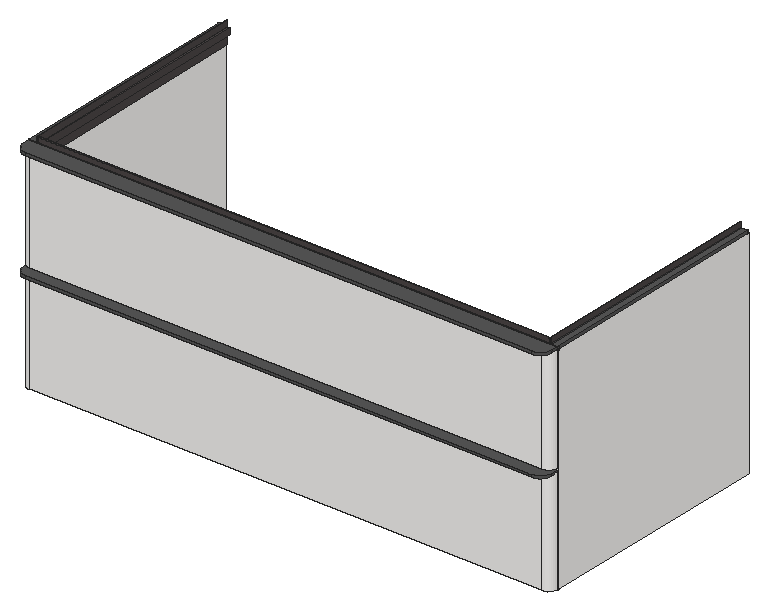
Revit family "vanity unit with 2 drawers for consoles with bowl", category Furniture, Revit 2019 (continued)
Definition of nested family "vanity unit 980_550 with 2 drawers for consoles with bowl-54078700-high gloss white-matt_white-400_content"
  Forms (mm)
    Extrusion 9, solid, visible <- "ContentVisible", detail levels medium+fine
      sketch origin (0, 0, 480) x (1, 0, 0) y (0, 1, 0)
        loop
          line (-488.5, -530) -> (-488.5, -546)
          arc (-488.5, -546) -> (-481.178, -563.678) -> (-463.5, -571) r 25
          line (-463.5, -571) -> (463.5, -571)
          arc (463.5, -571) -> (481.178, -563.678) -> (488.5, -546) r 25
          line (488.5, -546) -> (488.5, -530) -> (468.5, -530) -> (468.5, -528.5) -> (-468.5, -528.5) -> (-468.5, -530) -> (-488.5, -530)
      from 0 to 5
    Extrusion 10, solid, visible <- "ContentVisible", detail levels medium+fine
      sketch origin (0, 0, 0) x (0, 0, -1) y (0, 1, 0)
        loop
          line (-485, -528.5) -> (-485, -530) -> (-455, -530) -> (-455, -528.5) -> (-485, -528.5)
      from -468.5 to 468.5
    Extrusion 11, solid, visible <- "ContentVisible", detail levels medium+fine
      sketch origin (0, 0, 0) x (1, 0, 0) y (0, 0, -1)
        loop
          line (-474, -447) -> (-474, -485) -> (-472.5, -485) -> (-472.5, -447) -> (-474, -447)
      from -530 to 0
    Extrusion 12, solid, visible <- "ContentVisible", detail levels medium+fine
      sketch origin (0, 0, 0) x (1, 0, 0) y (0, 0, -1)
        loop
          line (472.5, -446.8) -> (472.5, -485) -> (474, -485) -> (474, -446.8) -> (472.5, -446.8)
      from -530 to 0
    Extrusion 13, solid, visible <- "ContentVisible", detail levels medium+fine
      sketch origin (0, 0, 480) x (1, 0, 0) y (0, 1, 0)
        loop
          line (-490, -3) -> (-490, -527)
          arc (-490, -527) -> (-489.121, -529.121) -> (-487, -530) r 3
          line (-487, -530) -> (-474, -530) -> (-474, 0) -> (-487, 0)
          arc (-487, 0) -> (-489.121, -0.879) -> (-490, -3) r 3
      from 0 to 5
    Extrusion 14, solid, visible <- "ContentVisible", detail levels medium+fine
      sketch origin (0, 0, 480) x (1, 0, 0) y (0, 1, 0)
        loop
          line (474, 0) -> (474, -530) -> (487, -530)
          arc (487, -530) -> (489.121, -529.121) -> (490, -527) r 3
          line (490, -527) -> (490, -3)
          arc (490, -3) -> (489.121, -0.879) -> (487, 0) r 3
          line (487, 0) -> (474, 0)
      from 0 to 5
    Extrusion 15, solid, visible <- "ContentVisible", detail levels medium+fine
      sketch origin (0, 0, 0) x (1, 0, 0) y (0, 0, -1)
        loop
          line (-472.5, -447) -> (-472.5, -496) -> (-471, -496) -> (-471, -483) -> (-466.4, -483) -> (-466.4, -468.5) -> (-471, -468.5) -> (-471, -447) -> (-472.5, -447)
      from -528.5 to 0
    Extrusion 16, solid, visible <- "ContentVisible", detail levels medium+fine
      sketch origin (0, 0, 0) x (1, 0, 0) y (0, 0, -1)
        loop
          line (466.4, -468.5) -> (466.4, -483) -> (471, -483) -> (471, -496) -> (472.5, -496) -> (472.5, -447) -> (471, -447) -> (471, -468.5) -> (466.4, -468.5)
      from -528.5 to 0
    Extrusion 17, solid, visible <- "ContentVisible", detail levels medium+fine
      sketch origin (0, 0, 0) x (0, 0, -1) y (0, 1, 0)
        loop
          line (-496, -528.5) -> (-447, -528.5) -> (-447, -527) -> (-468.5, -527) -> (-468.5, -522.4) -> (-483, -522.4) -> (-483, -527) -> (-496, -527) -> (-496, -528.5)
      from -472.5 to 472.5
    Extrusion 18, solid, visible <- "ContentVisible", detail levels coarse
      sketch origin (0, -285.5, 0) x (1, 0, 0) y (0, 1, 0)
        loop
          line (-490, -285.5) -> (490, -285.5) -> (490, 285.5) -> (-490, 285.5) -> (-490, -285.5)
      from 0 to 496
  Dimensions and locks
    aligned and locked: level to plane 2
Definition of nested family "vanity unit 980_550 with 2 drawers for consoles with bowl-54079000-diamond matt grey-chrome-200_content"
  Parameters (values of type "Vanity unit 980_550 with 2 drawers for consoles with bowl-54079000-Diamond Matt Grey-CHROME-200_Content")
    etim7_EC011381 = "EC011381"
    WEIGHT = "37.4"
    UNSPSC = "56 | Furniture and Furnishings"
    UNIFORMATII = "E2010 | Fixed Furnishings"
    UNICLASS_2015_CODE = "40_30_78_05"
    UNICLASS2015 = "Pr_40_30_78_05 | Bathroom furniture"
    SURFACE = "CHROME"
    REGIONSET = "Worldwide"
    PRODUCTURL = "https://pro.hansgrohe.com/articledetail--54079000"
    PRODUCTGROUP = "vanity unit"
    PRODUCTFAMILY = "Xelu Q"
    PERMALINK = "54079XXX"
    OMNICLASS = "23-21 19 15 33 13 | Residential Bathroom Specialty Casework"
    OBJECTTYPE = "Object (single object)"
    OBERFLAECHE = "Diamond Matt Grey"
    NN = "Vanity unit with 2 drawers for consoles with bowl"
    NBSYN = "$BASENUMBER.-$ARTNR.-$OBERFLAECHE.-$SURFACE.-$LODLEVEL."
    NB = "Vanity unit 980/550 with 2 drawers for consoles with bowl-54079000-Diamond Matt Grey-CHROME-200"
    NAME = "Xelu Q Vanity unit Diamond Matt Grey 980/550 with 2 drawers for consoles with bowl"
    Model = "Vanity unit 980/550 with 2 drawers for consoles with bowl-54079000-Diamond Matt Grey-CHROME-200"
    Manufacturer = "Hansgrohe"
    MASTERFORMAT = "12 35 30.23 | Bathroom Casework"
    LODLEVEL = "200"
    LINA = "Vanity unit 980/550 with 2 drawers for consoles with bowl-54079000-Diamond Matt Grey-CHROME-200"
    L = 980
    IFC = "Furnishing element"
    GTINCODE = "4059625456781"
    ETIM = "EC011381 | Bathroom furniture set"
    Default Elevation = 1219.2 mm
    DESIGN = "Germany"
    ContentVisible [instance] = yes
    CATALOG = "Hansgrohe"
    BIMOBJECT = "Sanitary: Compound units"
    BASENUMBER = "Vanity unit 980/550 with 2 drawers for consoles with bowl"
    ARTNR = "54079000"
  Reference planes
    plane 1 "Center (Front/Back)": y = 0
    plane 2: z = 0
    plane 3 "Center (Left/Right)": x = 0
  Forms (mm)
    Extrusion 1, solid, visible <- "ContentVisible", detail levels medium+fine
      sketch origin (0, 0, 0) x (1, 0, 0) y (0, 1, 0)
        loop
          line (-490, 0) -> (-490, -551) -> (490, -551) -> (490, 0) -> (474, 0) -> (474, -117) -> (-474, -117) -> (-474, 0) -> (-490, 0)
      from 0 to 480
    Extrusion 2, solid, visible <- "ContentVisible", detail levels medium+fine
      sketch origin (0, 0, 234) x (1, 0, 0) y (0, 1, 0)
        loop
          line (-488.5, -528.5) -> (-488.5, -571) -> (488.5, -571) -> (488.5, -528.5) -> (-488.5, -528.5)
      from 0 to 5
    Extrusion 3, solid, visible <- "ContentVisible", detail levels medium+fine
      sketch origin (0, 0, 480) x (1, 0, 0) y (0, 1, 0)
        loop
          line (-488.5, -528.5) -> (-488.5, -571) -> (488.5, -571) -> (488.5, -528.5) -> (-488.5, -528.5)
      from 0 to 5
    Extrusion 4, solid, visible <- "ContentVisible", detail levels medium+fine
      sketch origin (0, 0, 0) x (1, 0, 0) y (0, 0, -1)
        loop
          line (-474, -447) -> (-474, -485) -> (-472.5, -485) -> (-472.5, -447) -> (-474, -447)
      from -530 to 0
    Extrusion 5, solid, visible <- "ContentVisible", detail levels medium+fine
      sketch origin (0, 0, 0) x (1, 0, 0) y (0, 0, -1)
        loop
          line (472.5, -446.8) -> (472.5, -485) -> (474, -485) -> (474, -446.8) -> (472.5, -446.8)
      from -530 to 0
    Extrusion 6, solid, visible <- "ContentVisible", detail levels medium+fine
      sketch origin (0, 0, 480) x (1, 0, 0) y (0, 1, 0)
        loop
          line (-490, 0) -> (-490, -530) -> (-474, -530) -> (-474, 0) -> (-490, 0)
      from 0 to 5
    Extrusion 7, solid, visible <- "ContentVisible", detail levels medium+fine
      sketch origin (0, 0, 480) x (1, 0, 0) y (0, 1, 0)
        loop
          line (474, 0) -> (474, -530) -> (490, -530) -> (490, 0) -> (474, 0)
      from 0 to 5
    Extrusion 8, solid, visible <- "ContentVisible", detail levels medium+fine
      sketch origin (0, 0, 0) x (1, 0, 0) y (0, 0, -1)
        loop
          line (-472.5, -447) -> (-472.5, -496) -> (-466.4, -496) -> (-466.4, -447) -> (-472.5, -447)
      from -528.5 to 0
    Extrusion 9, solid, visible <- "ContentVisible", detail levels medium+fine
      sketch origin (0, 0, 0) x (1, 0, 0) y (0, 0, -1)
        loop
          line (466.4, -447) -> (466.4, -496) -> (472.5, -496) -> (472.5, -447) -> (466.4, -447)
      from -528.5 to 0
    Extrusion 10, solid, visible <- "ContentVisible", detail levels medium+fine
      sketch origin (0, 0, 0) x (0, 0, -1) y (0, 1, 0)
        loop
          line (-496, -528.5) -> (-447, -528.5) -> (-447, -522.4) -> (-496, -522.4) -> (-496, -528.5)
      from -472.5 to 472.5
    Extrusion 11, solid, visible <- "ContentVisible", detail levels coarse
      sketch origin (0, -285.5, 0) x (1, 0, 0) y (0, 1, 0)
        loop
          line (-490, -285.5) -> (490, -285.5) -> (490, 285.5) -> (-490, 285.5) -> (-490, -285.5)
      from 0 to 496
  Dimensions and locks
    aligned and locked: level to plane 2
Definition of nested family "vanity unit 980_550 with 2 drawers for consoles with bowl-54079000-diamond matt grey-chrome-400_content"
  Parameters (values of type "Vanity unit 980_550 with 2 drawers for consoles with bowl-54079000-Diamond Matt Grey-CHROME-400_Content")
    etim7_EC011381 = "EC011381"
    WEIGHT = "37.4"
    UNSPSC = "56 | Furniture and Furnishings"
    UNIFORMATII = "E2010 | Fixed Furnishings"
    UNICLASS_2015_CODE = "40_30_78_05"
    UNICLASS2015 = "Pr_40_30_78_05 | Bathroom furniture"
    SURFACE = "CHROME"
    REGIONSET = "Worldwide"
    PRODUCTURL = "https://pro.hansgrohe.com/articledetail--54079000"
    PRODUCTGROUP = "vanity unit"
    PRODUCTFAMILY = "Xelu Q"
    PERMALINK = "54079XXX"
    OMNICLASS = "23-21 19 15 33 13 | Residential Bathroom Specialty Casework"
    OBJECTTYPE = "Object (single object)"
    OBERFLAECHE = "Diamond Matt Grey"
    NN = "Vanity unit with 2 drawers for consoles with bowl"
    NBSYN = "$BASENUMBER.-$ARTNR.-$OBERFLAECHE.-$SURFACE.-$LODLEVEL."
    NB = "Vanity unit 980/550 with 2 drawers for consoles with bowl-54079000-Diamond Matt Grey-CHROME-400"
    NAME = "Xelu Q Vanity unit Diamond Matt Grey 980/550 with 2 drawers for consoles with bowl"
    Model = "Vanity unit 980/550 with 2 drawers for consoles with bowl-54079000-Diamond Matt Grey-CHROME-400"
    Manufacturer = "Hansgrohe"
    MASTERFORMAT = "12 35 30.23 | Bathroom Casework"
    LODLEVEL = "400"
    LINA = "Vanity unit 980/550 with 2 drawers for consoles with bowl-54079000-Diamond Matt Grey-CHROME-400"
    L = 980
    IFC = "Furnishing element"
    GTINCODE = "4059625456781"
    ETIM = "EC011381 | Bathroom furniture set"
    Default Elevation = 1219.2 mm
    DESIGN = "Germany"
    ContentVisible [instance] = yes
    CATALOG = "Hansgrohe"
    BIMOBJECT = "Sanitary: Compound units"
    BASENUMBER = "Vanity unit 980/550 with 2 drawers for consoles with bowl"
    ARTNR = "54079000"
  Reference planes
    plane 1 "Center (Front/Back)": y = 0
    plane 2: z = 0
    plane 3 "Center (Left/Right)": x = 0
  Forms (mm)
    Extrusion 1, solid, visible <- "ContentVisible", detail levels medium+fine
      sketch origin (0, 0, 0) x (1, 0, 0) y (0, 1, 0)
        loop
          line (-490, 0) -> (-490, -527)
          arc (-490, -527) -> (-489.121, -529.121) -> (-487, -530) r 3
          line (-487, -530) -> (-474, -530) -> (-474, 0) -> (-490, 0)
      from 0 to 480
    Extrusion 2, solid, visible <- "ContentVisible", detail levels medium+fine
      sketch origin (0, 0, 0) x (1, 0, 0) y (0, 1, 0)
        loop
          line (-474, -133) -> (-474, -499.5) -> (474, -499.5) -> (474, -133) -> (-474, -133)
      from 0 to 16
    Extrusion 3, solid, visible <- "ContentVisible", detail levels medium+fine
      sketch origin (0, 0, 0) x (1, 0, 0) y (0, 1, 0)
        loop
          line (474, 0) -> (474, -530) -> (487, -530)
          arc (487, -530) -> (489.121, -529.121) -> (490, -527) r 3
          line (490, -527) -> (490, 0) -> (474, 0)
      from 0 to 480
    Extrusion 4, solid, visible <- "ContentVisible", detail levels medium+fine
      sketch origin (0, 0, 0) x (1, 0, 0) y (0, 1, 0)
        loop
          line (-474, -117) -> (-474, -133) -> (474, -133) -> (474, -117) -> (-474, -117)
      from 0 to 126
    Extrusion 5, solid, visible <- "ContentVisible", detail levels medium+fine
      sketch origin (0, 0, 2) x (1, 0, 0) y (0, 1, 0)
        loop
          line (-490, -530) -> (-490, -532)
          arc (-490, -532) -> (-484.435, -545.435) -> (-471, -551) r 19
          line (-471, -551) -> (471, -551)
          arc (471, -551) -> (484.435, -545.435) -> (490, -532) r 19
          line (490, -532) -> (490, -530) -> (-490, -530)
      from 0 to 234
    Extrusion 6, solid, visible <- "ContentVisible", detail levels medium+fine
      sketch origin (0, 0, 234) x (1, 0, 0) y (0, 1, 0)
        loop
          line (-488.5, -530) -> (-488.5, -546)
          arc (-488.5, -546) -> (-481.178, -563.678) -> (-463.5, -571) r 25
          line (-463.5, -571) -> (463.5, -571)
          arc (463.5, -571) -> (481.178, -563.678) -> (488.5, -546) r 25
          line (488.5, -546) -> (488.5, -530) -> (468.5, -530) -> (468.5, -528.5) -> (-468.5, -528.5) -> (-468.5, -530) -> (-488.5, -530)
      from 0 to 5
    Extrusion 7, solid, visible <- "ContentVisible", detail levels medium+fine
      sketch origin (0, 0, 0) x (0, 0, -1) y (0, 1, 0)
        loop
          line (-239, -528.5) -> (-239, -530) -> (-209, -530) -> (-209, -528.5) -> (-239, -528.5)
      from -468.5 to 468.5
    Extrusion 8, solid, visible <- "ContentVisible", detail levels medium+fine
      sketch origin (0, 0, 245) x (1, 0, 0) y (0, 1, 0)
        loop
          line (-490, -530) -> (-490, -532)
          arc (-490, -532) -> (-484.435, -545.435) -> (-471, -551) r 19
          line (-471, -551) -> (471, -551)
          arc (471, -551) -> (484.435, -545.435) -> (490, -532) r 19
          line (490, -532) -> (490, -530) -> (-490, -530)
      from 0 to 235
    Extrusion 9, solid, visible <- "ContentVisible", detail levels medium+fine
      sketch origin (0, 0, 480) x (1, 0, 0) y (0, 1, 0)
        loop
          line (-488.5, -530) -> (-488.5, -546)
          arc (-488.5, -546) -> (-481.178, -563.678) -> (-463.5, -571) r 25
          line (-463.5, -571) -> (463.5, -571)
          arc (463.5, -571) -> (481.178, -563.678) -> (488.5, -546) r 25
          line (488.5, -546) -> (488.5, -530) -> (468.5, -530) -> (468.5, -528.5) -> (-468.5, -528.5) -> (-468.5, -530) -> (-488.5, -530)
      from 0 to 5
    Extrusion 10, solid, visible <- "ContentVisible", detail levels medium+fine
      sketch origin (0, 0, 0) x (0, 0, -1) y (0, 1, 0)
        loop
          line (-485, -528.5) -> (-485, -530) -> (-455, -530) -> (-455, -528.5) -> (-485, -528.5)
      from -468.5 to 468.5
    Extrusion 11, solid, visible <- "ContentVisible", detail levels medium+fine
      sketch origin (0, 0, 0) x (1, 0, 0) y (0, 0, -1)
        loop
          line (-474, -447) -> (-474, -485) -> (-472.5, -485) -> (-472.5, -447) -> (-474, -447)
      from -530 to 0
    Extrusion 12, solid, visible <- "ContentVisible", detail levels medium+fine
      sketch origin (0, 0, 0) x (1, 0, 0) y (0, 0, -1)
        loop
          line (472.5, -446.8) -> (472.5, -485) -> (474, -485) -> (474, -446.8) -> (472.5, -446.8)
      from -530 to 0
    Extrusion 13, solid, visible <- "ContentVisible", detail levels medium+fine
      sketch origin (0, 0, 480) x (1, 0, 0) y (0, 1, 0)
        loop
          line (-490, -3) -> (-490, -527)
          arc (-490, -527) -> (-489.121, -529.121) -> (-487, -530) r 3
          line (-487, -530) -> (-474, -530) -> (-474, 0) -> (-487, 0)
          arc (-487, 0) -> (-489.121, -0.879) -> (-490, -3) r 3
      from 0 to 5
    Extrusion 14, solid, visible <- "ContentVisible", detail levels medium+fine
      sketch origin (0, 0, 480) x (1, 0, 0) y (0, 1, 0)
        loop
          line (474, 0) -> (474, -530) -> (487, -530)
          arc (487, -530) -> (489.121, -529.121) -> (490, -527) r 3
          line (490, -527) -> (490, -3)
          arc (490, -3) -> (489.121, -0.879) -> (487, 0) r 3
          line (487, 0) -> (474, 0)
      from 0 to 5
    Extrusion 15, solid, visible <- "ContentVisible", detail levels medium+fine
      sketch origin (0, 0, 0) x (1, 0, 0) y (0, 0, -1)
        loop
          line (-472.5, -447) -> (-472.5, -496) -> (-471, -496) -> (-471, -483) -> (-466.4, -483) -> (-466.4, -468.5) -> (-471, -468.5) -> (-471, -447) -> (-472.5, -447)
      from -528.5 to 0
    Extrusion 16, solid, visible <- "ContentVisible", detail levels medium+fine
      sketch origin (0, 0, 0) x (1, 0, 0) y (0, 0, -1)
        loop
          line (466.4, -468.5) -> (466.4, -483) -> (471, -483) -> (471, -496) -> (472.5, -496) -> (472.5, -447) -> (471, -447) -> (471, -468.5) -> (466.4, -468.5)
      from -528.5 to 0
    Extrusion 17, solid, visible <- "ContentVisible", detail levels medium+fine
      sketch origin (0, 0, 0) x (0, 0, -1) y (0, 1, 0)
        loop
          line (-496, -528.5) -> (-447, -528.5) -> (-447, -527) -> (-468.5, -527) -> (-468.5, -522.4) -> (-483, -522.4) -> (-483, -527) -> (-496, -527) -> (-496, -528.5)
      from -472.5 to 472.5
    Extrusion 18, solid, visible <- "ContentVisible", detail levels coarse
      sketch origin (0, -285.5, 0) x (1, 0, 0) y (0, 1, 0)
        loop
          line (-490, -285.5) -> (490, -285.5) -> (490, 285.5) -> (-490, 285.5) -> (-490, -285.5)
      from 0 to 496
  Dimensions and locks
    aligned and locked: level to plane 2
Definition of nested family "vanity unit 980_550 with 2 drawers for consoles with bowl-54079670-diamond matt grey-matt_black-200_content"
  Parameters (values of type "Vanity unit 980_550 with 2 drawers for consoles with bowl-54079670-Diamond Matt Grey-MATT_BLACK-200_Content")
    etim7_EC011381 = "EC011381"
    WEIGHT = "37.4"
    UNSPSC = "56 | Furniture and Furnishings"
    UNIFORMATII = "E2010 | Fixed Furnishings"
    UNICLASS_2015_CODE = "40_30_78_05"
    UNICLASS2015 = "Pr_40_30_78_05 | Bathroom furniture"
    SURFACE = "MATT_BLACK"
    REGIONSET = "Worldwide"
    PRODUCTURL = "https://pro.hansgrohe.com/articledetail--54079000"
    PRODUCTGROUP = "vanity unit"
    PRODUCTFAMILY = "Xelu Q"
    PERMALINK = "54079XXX"
    OMNICLASS = "23-21 19 15 33 13 | Residential Bathroom Specialty Casework"
    OBJECTTYPE = "Object (single object)"
    OBERFLAECHE = "Diamond Matt Grey"
    NN = "Vanity unit with 2 drawers for consoles with bowl"
    NBSYN = "$BASENUMBER.-$ARTNR.-$OBERFLAECHE.-$SURFACE.-$LODLEVEL."
    NB = "Vanity unit 980/550 with 2 drawers for consoles with bowl-54079670-Diamond Matt Grey-MATT_BLACK-200"
    NAME = "Xelu Q Vanity unit Diamond Matt Grey 980/550 with 2 drawers for consoles with bowl"
    Model = "Vanity unit 980/550 with 2 drawers for consoles with bowl-54079670-Diamond Matt Grey-MATT_BLACK-200"
    Manufacturer = "Hansgrohe"
    MASTERFORMAT = "12 35 30.23 | Bathroom Casework"
    LODLEVEL = "200"
    LINA = "Vanity unit 980/550 with 2 drawers for consoles with bowl-54079670-Diamond Matt Grey-MATT_BLACK-200"
    L = 980
    IFC = "Furnishing element"
    GTINCODE = "4059625456781"
    ETIM = "EC011381 | Bathroom furniture set"
    Default Elevation = 1219.2 mm
    DESIGN = "Germany"
    ContentVisible [instance] = yes
    CATALOG = "Hansgrohe"
    BIMOBJECT = "Sanitary: Compound units"
    BASENUMBER = "Vanity unit 980/550 with 2 drawers for consoles with bowl"
    ARTNR = "54079670"
  Reference planes
    plane 1 "Center (Front/Back)": y = 0
    plane 2: z = 0
    plane 3 "Center (Left/Right)": x = 0
  Forms (mm)
    Extrusion 1, solid, visible <- "ContentVisible", detail levels medium+fine
      sketch origin (0, 0, 0) x (1, 0, 0) y (0, 1, 0)
        loop
          line (-490, 0) -> (-490, -551) -> (490, -551) -> (490, 0) -> (474, 0) -> (474, -117) -> (-474, -117) -> (-474, 0) -> (-490, 0)
      from 0 to 480
    Extrusion 2, solid, visible <- "ContentVisible", detail levels medium+fine
      sketch origin (0, 0, 234) x (1, 0, 0) y (0, 1, 0)
        loop
          line (-488.5, -528.5) -> (-488.5, -571) -> (488.5, -571) -> (488.5, -528.5) -> (-488.5, -528.5)
      from 0 to 5
    Extrusion 3, solid, visible <- "ContentVisible", detail levels medium+fine
      sketch origin (0, 0, 480) x (1, 0, 0) y (0, 1, 0)
        loop
          line (-488.5, -528.5) -> (-488.5, -571) -> (488.5, -571) -> (488.5, -528.5) -> (-488.5, -528.5)
      from 0 to 5
    Extrusion 4, solid, visible <- "ContentVisible", detail levels medium+fine
      sketch origin (0, 0, 0) x (1, 0, 0) y (0, 0, -1)
        loop
          line (-474, -447) -> (-474, -485) -> (-472.5, -485) -> (-472.5, -447) -> (-474, -447)
      from -530 to 0
    Extrusion 5, solid, visible <- "ContentVisible", detail levels medium+fine
      sketch origin (0, 0, 0) x (1, 0, 0) y (0, 0, -1)
        loop
          line (472.5, -446.8) -> (472.5, -485) -> (474, -485) -> (474, -446.8) -> (472.5, -446.8)
      from -530 to 0
    Extrusion 6, solid, visible <- "ContentVisible", detail levels medium+fine
      sketch origin (0, 0, 480) x (1, 0, 0) y (0, 1, 0)
        loop
          line (-490, 0) -> (-490, -530) -> (-474, -530) -> (-474, 0) -> (-490, 0)
      from 0 to 5
    Extrusion 7, solid, visible <- "ContentVisible", detail levels medium+fine
      sketch origin (0, 0, 480) x (1, 0, 0) y (0, 1, 0)
        loop
          line (474, 0) -> (474, -530) -> (490, -530) -> (490, 0) -> (474, 0)
      from 0 to 5
    Extrusion 8, solid, visible <- "ContentVisible", detail levels medium+fine
      sketch origin (0, 0, 0) x (1, 0, 0) y (0, 0, -1)
        loop
          line (-472.5, -447) -> (-472.5, -496) -> (-466.4, -496) -> (-466.4, -447) -> (-472.5, -447)
      from -528.5 to 0
    Extrusion 9, solid, visible <- "ContentVisible", detail levels medium+fine
      sketch origin (0, 0, 0) x (1, 0, 0) y (0, 0, -1)
        loop
          line (466.4, -447) -> (466.4, -496) -> (472.5, -496) -> (472.5, -447) -> (466.4, -447)
      from -528.5 to 0
    Extrusion 10, solid, visible <- "ContentVisible", detail levels medium+fine
      sketch origin (0, 0, 0) x (0, 0, -1) y (0, 1, 0)
        loop
          line (-496, -528.5) -> (-447, -528.5) -> (-447, -522.4) -> (-496, -522.4) -> (-496, -528.5)
      from -472.5 to 472.5
    Extrusion 11, solid, visible <- "ContentVisible", detail levels coarse
      sketch origin (0, -285.5, 0) x (1, 0, 0) y (0, 1, 0)
        loop
          line (-490, -285.5) -> (490, -285.5) -> (490, 285.5) -> (-490, 285.5) -> (-490, -285.5)
      from 0 to 496
  Dimensions and locks
    aligned and locked: level to plane 2
Definition of nested family "vanity unit 980_550 with 2 drawers for consoles with bowl-54079670-diamond matt grey-matt_black-400_content"
  Parameters (values of type "Vanity unit 980_550 with 2 drawers for consoles with bowl-54079670-Diamond Matt Grey-MATT_BLACK-400_Content")
    etim7_EC011381 = "EC011381"
    WEIGHT = "37.4"
    UNSPSC = "56 | Furniture and Furnishings"
    UNIFORMATII = "E2010 | Fixed Furnishings"
    UNICLASS_2015_CODE = "40_30_78_05"
    UNICLASS2015 = "Pr_40_30_78_05 | Bathroom furniture"
    SURFACE = "MATT_BLACK"
    REGIONSET = "Worldwide"
    PRODUCTURL = "https://pro.hansgrohe.com/articledetail--54079000"
    PRODUCTGROUP = "vanity unit"
    PRODUCTFAMILY = "Xelu Q"
    PERMALINK = "54079XXX"
    OMNICLASS = "23-21 19 15 33 13 | Residential Bathroom Specialty Casework"
    OBJECTTYPE = "Object (single object)"
    OBERFLAECHE = "Diamond Matt Grey"
    NN = "Vanity unit with 2 drawers for consoles with bowl"
    NBSYN = "$BASENUMBER.-$ARTNR.-$OBERFLAECHE.-$SURFACE.-$LODLEVEL."
    NB = "Vanity unit 980/550 with 2 drawers for consoles with bowl-54079670-Diamond Matt Grey-MATT_BLACK-400"
    NAME = "Xelu Q Vanity unit Diamond Matt Grey 980/550 with 2 drawers for consoles with bowl"
    Model = "Vanity unit 980/550 with 2 drawers for consoles with bowl-54079670-Diamond Matt Grey-MATT_BLACK-400"
    Manufacturer = "Hansgrohe"
    MASTERFORMAT = "12 35 30.23 | Bathroom Casework"
    LODLEVEL = "400"
    LINA = "Vanity unit 980/550 with 2 drawers for consoles with bowl-54079670-Diamond Matt Grey-MATT_BLACK-400"
    L = 980
    IFC = "Furnishing element"
    GTINCODE = "4059625456781"
    ETIM = "EC011381 | Bathroom furniture set"
    Default Elevation = 1219.2 mm
    DESIGN = "Germany"
    ContentVisible [instance] = yes
    CATALOG = "Hansgrohe"
    BIMOBJECT = "Sanitary: Compound units"
    BASENUMBER = "Vanity unit 980/550 with 2 drawers for consoles with bowl"
    ARTNR = "54079670"
  Reference planes
    plane 1 "Center (Front/Back)": y = 0
    plane 2: z = 0
    plane 3 "Center (Left/Right)": x = 0
  Forms (mm)
    Extrusion 1, solid, visible <- "ContentVisible", detail levels medium+fine
      sketch origin (0, 0, 0) x (1, 0, 0) y (0, 1, 0)
        loop
          line (-490, 0) -> (-490, -527)
          arc (-490, -527) -> (-489.121, -529.121) -> (-487, -530) r 3
          line (-487, -530) -> (-474, -530) -> (-474, 0) -> (-490, 0)
      from 0 to 480
    Extrusion 2, solid, visible <- "ContentVisible", detail levels medium+fine
      sketch origin (0, 0, 0) x (1, 0, 0) y (0, 1, 0)
        loop
          line (-474, -133) -> (-474, -499.5) -> (474, -499.5) -> (474, -133) -> (-474, -133)
      from 0 to 16
    Extrusion 3, solid, visible <- "ContentVisible", detail levels medium+fine
      sketch origin (0, 0, 0) x (1, 0, 0) y (0, 1, 0)
        loop
          line (474, 0) -> (474, -530) -> (487, -530)
          arc (487, -530) -> (489.121, -529.121) -> (490, -527) r 3
          line (490, -527) -> (490, 0) -> (474, 0)
      from 0 to 480
    Extrusion 4, solid, visible <- "ContentVisible", detail levels medium+fine
      sketch origin (0, 0, 0) x (1, 0, 0) y (0, 1, 0)
        loop
          line (-474, -117) -> (-474, -133) -> (474, -133) -> (474, -117) -> (-474, -117)
      from 0 to 126
    Extrusion 5, solid, visible <- "ContentVisible", detail levels medium+fine
      sketch origin (0, 0, 2) x (1, 0, 0) y (0, 1, 0)
        loop
          line (-490, -530) -> (-490, -532)
          arc (-490, -532) -> (-484.435, -545.435) -> (-471, -551) r 19
          line (-471, -551) -> (471, -551)
          arc (471, -551) -> (484.435, -545.435) -> (490, -532) r 19
          line (490, -532) -> (490, -530) -> (-490, -530)
      from 0 to 234
    Extrusion 6, solid, visible <- "ContentVisible", detail levels medium+fine
      sketch origin (0, 0, 234) x (1, 0, 0) y (0, 1, 0)
        loop
          line (-488.5, -530) -> (-488.5, -546)
          arc (-488.5, -546) -> (-481.178, -563.678) -> (-463.5, -571) r 25
          line (-463.5, -571) -> (463.5, -571)
          arc (463.5, -571) -> (481.178, -563.678) -> (488.5, -546) r 25
          line (488.5, -546) -> (488.5, -530) -> (468.5, -530) -> (468.5, -528.5) -> (-468.5, -528.5) -> (-468.5, -530) -> (-488.5, -530)
      from 0 to 5
    Extrusion 7, solid, visible <- "ContentVisible", detail levels medium+fine
      sketch origin (0, 0, 0) x (0, 0, -1) y (0, 1, 0)
        loop
          line (-239, -528.5) -> (-239, -530) -> (-209, -530) -> (-209, -528.5) -> (-239, -528.5)
      from -468.5 to 468.5
    Extrusion 8, solid, visible <- "ContentVisible", detail levels medium+fine
      sketch origin (0, 0, 245) x (1, 0, 0) y (0, 1, 0)
        loop
          line (-490, -530) -> (-490, -532)
          arc (-490, -532) -> (-484.435, -545.435) -> (-471, -551) r 19
          line (-471, -551) -> (471, -551)
          arc (471, -551) -> (484.435, -545.435) -> (490, -532) r 19
          line (490, -532) -> (490, -530) -> (-490, -530)
      from 0 to 235
    Extrusion 9, solid, visible <- "ContentVisible", detail levels medium+fine
      sketch origin (0, 0, 480) x (1, 0, 0) y (0, 1, 0)
        loop
          line (-488.5, -530) -> (-488.5, -546)
          arc (-488.5, -546) -> (-481.178, -563.678) -> (-463.5, -571) r 25
          line (-463.5, -571) -> (463.5, -571)
          arc (463.5, -571) -> (481.178, -563.678) -> (488.5, -546) r 25
          line (488.5, -546) -> (488.5, -530) -> (468.5, -530) -> (468.5, -528.5) -> (-468.5, -528.5) -> (-468.5, -530) -> (-488.5, -530)
      from 0 to 5
    Extrusion 10, solid, visible <- "ContentVisible", detail levels medium+fine
      sketch origin (0, 0, 0) x (0, 0, -1) y (0, 1, 0)
        loop
          line (-485, -528.5) -> (-485, -530) -> (-455, -530) -> (-455, -528.5) -> (-485, -528.5)
      from -468.5 to 468.5
    Extrusion 11, solid, visible <- "ContentVisible", detail levels medium+fine
      sketch origin (0, 0, 0) x (1, 0, 0) y (0, 0, -1)
        loop
          line (-474, -447) -> (-474, -485) -> (-472.5, -485) -> (-472.5, -447) -> (-474, -447)
      from -530 to 0
    Extrusion 12, solid, visible <- "ContentVisible", detail levels medium+fine
      sketch origin (0, 0, 0) x (1, 0, 0) y (0, 0, -1)
        loop
          line (472.5, -446.8) -> (472.5, -485) -> (474, -485) -> (474, -446.8) -> (472.5, -446.8)
      from -530 to 0
    Extrusion 13, solid, visible <- "ContentVisible", detail levels medium+fine
      sketch origin (0, 0, 480) x (1, 0, 0) y (0, 1, 0)
        loop
          line (-490, -3) -> (-490, -527)
          arc (-490, -527) -> (-489.121, -529.121) -> (-487, -530) r 3
          line (-487, -530) -> (-474, -530) -> (-474, 0) -> (-487, 0)
          arc (-487, 0) -> (-489.121, -0.879) -> (-490, -3) r 3
      from 0 to 5
    Extrusion 14, solid, visible <- "ContentVisible", detail levels medium+fine
      sketch origin (0, 0, 480) x (1, 0, 0) y (0, 1, 0)
        loop
          line (474, 0) -> (474, -530) -> (487, -530)
          arc (487, -530) -> (489.121, -529.121) -> (490, -527) r 3
          line (490, -527) -> (490, -3)
          arc (490, -3) -> (489.121, -0.879) -> (487, 0) r 3
          line (487, 0) -> (474, 0)
      from 0 to 5
    Extrusion 15, solid, visible <- "ContentVisible", detail levels medium+fine
      sketch origin (0, 0, 0) x (1, 0, 0) y (0, 0, -1)
        loop
          line (-472.5, -447) -> (-472.5, -496) -> (-471, -496) -> (-471, -483) -> (-466.4, -483) -> (-466.4, -468.5) -> (-471, -468.5) -> (-471, -447) -> (-472.5, -447)
      from -528.5 to 0
    Extrusion 16, solid, visible <- "ContentVisible", detail levels medium+fine
      sketch origin (0, 0, 0) x (1, 0, 0) y (0, 0, -1)
        loop
          line (466.4, -468.5) -> (466.4, -483) -> (471, -483) -> (471, -496) -> (472.5, -496) -> (472.5, -447) -> (471, -447) -> (471, -468.5) -> (466.4, -468.5)
      from -528.5 to 0
    Extrusion 17, solid, visible <- "ContentVisible", detail levels medium+fine
      sketch origin (0, 0, 0) x (0, 0, -1) y (0, 1, 0)
        loop
          line (-496, -528.5) -> (-447, -528.5) -> (-447, -527) -> (-468.5, -527) -> (-468.5, -522.4) -> (-483, -522.4) -> (-483, -527) -> (-496, -527) -> (-496, -528.5)
      from -472.5 to 472.5
    Extrusion 18, solid, visible <- "ContentVisible", detail levels coarse
      sketch origin (0, -285.5, 0) x (1, 0, 0) y (0, 1, 0)
        loop
          line (-490, -285.5) -> (490, -285.5) -> (490, 285.5) -> (-490, 285.5) -> (-490, -285.5)
      from 0 to 496
  Dimensions and locks
    aligned and locked: level to plane 2
Definition of nested family "vanity unit 980_550 with 2 drawers for consoles with bowl-54079700-diamond matt grey-matt_white-200_content"
  Parameters (values of type "Vanity unit 980_550 with 2 drawers for consoles with bowl-54079700-Diamond Matt Grey-MATT_WHITE-200_Content")
    etim7_EC011381 = "EC011381"
    WEIGHT = "37.4"
    UNSPSC = "56 | Furniture and Furnishings"
    UNIFORMATII = "E2010 | Fixed Furnishings"
    UNICLASS_2015_CODE = "40_30_78_05"
    UNICLASS2015 = "Pr_40_30_78_05 | Bathroom furniture"
    SURFACE = "MATT_WHITE"
    REGIONSET = "Worldwide"
    PRODUCTURL = "https://pro.hansgrohe.com/articledetail--54079000"
    PRODUCTGROUP = "vanity unit"
    PRODUCTFAMILY = "Xelu Q"
    PERMALINK = "54079XXX"
    OMNICLASS = "23-21 19 15 33 13 | Residential Bathroom Specialty Casework"
    OBJECTTYPE = "Object (single object)"
    OBERFLAECHE = "Diamond Matt Grey"
    NN = "Vanity unit with 2 drawers for consoles with bowl"
    NBSYN = "$BASENUMBER.-$ARTNR.-$OBERFLAECHE.-$SURFACE.-$LODLEVEL."
    NB = "Vanity unit 980/550 with 2 drawers for consoles with bowl-54079700-Diamond Matt Grey-MATT_WHITE-200"
    NAME = "Xelu Q Vanity unit Diamond Matt Grey 980/550 with 2 drawers for consoles with bowl"
    Model = "Vanity unit 980/550 with 2 drawers for consoles with bowl-54079700-Diamond Matt Grey-MATT_WHITE-200"
    Manufacturer = "Hansgrohe"
    MASTERFORMAT = "12 35 30.23 | Bathroom Casework"
    LODLEVEL = "200"
    LINA = "Vanity unit 980/550 with 2 drawers for consoles with bowl-54079700-Diamond Matt Grey-MATT_WHITE-200"
    L = 980
    IFC = "Furnishing element"
    GTINCODE = "4059625456781"
    ETIM = "EC011381 | Bathroom furniture set"
    Default Elevation = 1219.2 mm
    DESIGN = "Germany"
    ContentVisible [instance] = yes
    CATALOG = "Hansgrohe"
    BIMOBJECT = "Sanitary: Compound units"
    BASENUMBER = "Vanity unit 980/550 with 2 drawers for consoles with bowl"
    ARTNR = "54079700"
  Reference planes
    plane 1 "Center (Front/Back)": y = 0
    plane 2: z = 0
    plane 3 "Center (Left/Right)": x = 0
  Forms (mm)
    Extrusion 1, solid, visible <- "ContentVisible", detail levels medium+fine
      sketch origin (0, 0, 0) x (1, 0, 0) y (0, 1, 0)
        loop
          line (-490, 0) -> (-490, -551) -> (490, -551) -> (490, 0) -> (474, 0) -> (474, -117) -> (-474, -117) -> (-474, 0) -> (-490, 0)
      from 0 to 480
    Extrusion 2, solid, visible <- "ContentVisible", detail levels medium+fine
      sketch origin (0, 0, 234) x (1, 0, 0) y (0, 1, 0)
        loop
          line (-488.5, -528.5) -> (-488.5, -571) -> (488.5, -571) -> (488.5, -528.5) -> (-488.5, -528.5)
      from 0 to 5
    Extrusion 3, solid, visible <- "ContentVisible", detail levels medium+fine
      sketch origin (0, 0, 480) x (1, 0, 0) y (0, 1, 0)
        loop
          line (-488.5, -528.5) -> (-488.5, -571) -> (488.5, -571) -> (488.5, -528.5) -> (-488.5, -528.5)
      from 0 to 5
    Extrusion 4, solid, visible <- "ContentVisible", detail levels medium+fine
      sketch origin (0, 0, 0) x (1, 0, 0) y (0, 0, -1)
        loop
          line (-474, -447) -> (-474, -485) -> (-472.5, -485) -> (-472.5, -447) -> (-474, -447)
      from -530 to 0
    Extrusion 5, solid, visible <- "ContentVisible", detail levels medium+fine
      sketch origin (0, 0, 0) x (1, 0, 0) y (0, 0, -1)
        loop
          line (472.5, -446.8) -> (472.5, -485) -> (474, -485) -> (474, -446.8) -> (472.5, -446.8)
      from -530 to 0
    Extrusion 6, solid, visible <- "ContentVisible", detail levels medium+fine
      sketch origin (0, 0, 480) x (1, 0, 0) y (0, 1, 0)
        loop
          line (-490, 0) -> (-490, -530) -> (-474, -530) -> (-474, 0) -> (-490, 0)
      from 0 to 5
    Extrusion 7, solid, visible <- "ContentVisible", detail levels medium+fine
      sketch origin (0, 0, 480) x (1, 0, 0) y (0, 1, 0)
        loop
          line (474, 0) -> (474, -530) -> (490, -530) -> (490, 0) -> (474, 0)
      from 0 to 5
    Extrusion 8, solid, visible <- "ContentVisible", detail levels medium+fine
      sketch origin (0, 0, 0) x (1, 0, 0) y (0, 0, -1)
        loop
          line (-472.5, -447) -> (-472.5, -496) -> (-466.4, -496) -> (-466.4, -447) -> (-472.5, -447)
      from -528.5 to 0
    Extrusion 9, solid, visible <- "ContentVisible", detail levels medium+fine
      sketch origin (0, 0, 0) x (1, 0, 0) y (0, 0, -1)
        loop
          line (466.4, -447) -> (466.4, -496) -> (472.5, -496) -> (472.5, -447) -> (466.4, -447)
      from -528.5 to 0
    Extrusion 10, solid, visible <- "ContentVisible", detail levels medium+fine
      sketch origin (0, 0, 0) x (0, 0, -1) y (0, 1, 0)
        loop
          line (-496, -528.5) -> (-447, -528.5) -> (-447, -522.4) -> (-496, -522.4) -> (-496, -528.5)
      from -472.5 to 472.5
    Extrusion 11, solid, visible <- "ContentVisible", detail levels coarse
      sketch origin (0, -285.5, 0) x (1, 0, 0) y (0, 1, 0)
        loop
          line (-490, -285.5) -> (490, -285.5) -> (490, 285.5) -> (-490, 285.5) -> (-490, -285.5)
      from 0 to 496
  Dimensions and locks
    aligned and locked: level to plane 2
Definition of nested family "vanity unit 980_550 with 2 drawers for consoles with bowl-54079700-diamond matt grey-matt_white-400_content"
  Parameters (values of type "Vanity unit 980_550 with 2 drawers for consoles with bowl-54079700-Diamond Matt Grey-MATT_WHITE-400_Content")
    etim7_EC011381 = "EC011381"
    WEIGHT = "37.4"
    UNSPSC = "56 | Furniture and Furnishings"
    UNIFORMATII = "E2010 | Fixed Furnishings"
    UNICLASS_2015_CODE = "40_30_78_05"
    UNICLASS2015 = "Pr_40_30_78_05 | Bathroom furniture"
    SURFACE = "MATT_WHITE"
    REGIONSET = "Worldwide"
    PRODUCTURL = "https://pro.hansgrohe.com/articledetail--54079000"
    PRODUCTGROUP = "vanity unit"
    PRODUCTFAMILY = "Xelu Q"
    PERMALINK = "54079XXX"
    OMNICLASS = "23-21 19 15 33 13 | Residential Bathroom Specialty Casework"
    OBJECTTYPE = "Object (single object)"
    OBERFLAECHE = "Diamond Matt Grey"
    NN = "Vanity unit with 2 drawers for consoles with bowl"
    NBSYN = "$BASENUMBER.-$ARTNR.-$OBERFLAECHE.-$SURFACE.-$LODLEVEL."
    NB = "Vanity unit 980/550 with 2 drawers for consoles with bowl-54079700-Diamond Matt Grey-MATT_WHITE-400"
    NAME = "Xelu Q Vanity unit Diamond Matt Grey 980/550 with 2 drawers for consoles with bowl"
    Model = "Vanity unit 980/550 with 2 drawers for consoles with bowl-54079700-Diamond Matt Grey-MATT_WHITE-400"
    Manufacturer = "Hansgrohe"
    MASTERFORMAT = "12 35 30.23 | Bathroom Casework"
    LODLEVEL = "400"
    LINA = "Vanity unit 980/550 with 2 drawers for consoles with bowl-54079700-Diamond Matt Grey-MATT_WHITE-400"
    L = 980
    IFC = "Furnishing element"
    GTINCODE = "4059625456781"
    ETIM = "EC011381 | Bathroom furniture set"
    Default Elevation = 1219.2 mm
    DESIGN = "Germany"
    ContentVisible [instance] = yes
    CATALOG = "Hansgrohe"
    BIMOBJECT = "Sanitary: Compound units"
    BASENUMBER = "Vanity unit 980/550 with 2 drawers for consoles with bowl"
    ARTNR = "54079700"
  Reference planes
    plane 1 "Center (Front/Back)": y = 0
    plane 2: z = 0
    plane 3 "Center (Left/Right)": x = 0
  Forms (mm)
    Extrusion 1, solid, visible <- "ContentVisible", detail levels medium+fine
      sketch origin (0, 0, 0) x (1, 0, 0) y (0, 1, 0)
        loop
          line (-490, 0) -> (-490, -527)
          arc (-490, -527) -> (-489.121, -529.121) -> (-487, -530) r 3
          line (-487, -530) -> (-474, -530) -> (-474, 0) -> (-490, 0)
      from 0 to 480
    Extrusion 2, solid, visible <- "ContentVisible", detail levels medium+fine
      sketch origin (0, 0, 0) x (1, 0, 0) y (0, 1, 0)
        loop
          line (-474, -133) -> (-474, -499.5) -> (474, -499.5) -> (474, -133) -> (-474, -133)
      from 0 to 16
    Extrusion 3, solid, visible <- "ContentVisible", detail levels medium+fine
      sketch origin (0, 0, 0) x (1, 0, 0) y (0, 1, 0)
        loop
          line (474, 0) -> (474, -530) -> (487, -530)
          arc (487, -530) -> (489.121, -529.121) -> (490, -527) r 3
          line (490, -527) -> (490, 0) -> (474, 0)
      from 0 to 480
    Extrusion 4, solid, visible <- "ContentVisible", detail levels medium+fine
      sketch origin (0, 0, 0) x (1, 0, 0) y (0, 1, 0)
        loop
          line (-474, -117) -> (-474, -133) -> (474, -133) -> (474, -117) -> (-474, -117)
      from 0 to 126
    Extrusion 5, solid, visible <- "ContentVisible", detail levels medium+fine
      sketch origin (0, 0, 2) x (1, 0, 0) y (0, 1, 0)
        loop
          line (-490, -530) -> (-490, -532)
          arc (-490, -532) -> (-484.435, -545.435) -> (-471, -551) r 19
          line (-471, -551) -> (471, -551)
          arc (471, -551) -> (484.435, -545.435) -> (490, -532) r 19
          line (490, -532) -> (490, -530) -> (-490, -530)
      from 0 to 234
    Extrusion 6, solid, visible <- "ContentVisible", detail levels medium+fine
      sketch origin (0, 0, 234) x (1, 0, 0) y (0, 1, 0)
        loop
          line (-488.5, -530) -> (-488.5, -546)
          arc (-488.5, -546) -> (-481.178, -563.678) -> (-463.5, -571) r 25
          line (-463.5, -571) -> (463.5, -571)
          arc (463.5, -571) -> (481.178, -563.678) -> (488.5, -546) r 25
          line (488.5, -546) -> (488.5, -530) -> (468.5, -530) -> (468.5, -528.5) -> (-468.5, -528.5) -> (-468.5, -530) -> (-488.5, -530)
      from 0 to 5
    Extrusion 7, solid, visible <- "ContentVisible", detail levels medium+fine
      sketch origin (0, 0, 0) x (0, 0, -1) y (0, 1, 0)
        loop
          line (-239, -528.5) -> (-239, -530) -> (-209, -530) -> (-209, -528.5) -> (-239, -528.5)
      from -468.5 to 468.5
    Extrusion 8, solid, visible <- "ContentVisible", detail levels medium+fine
      sketch origin (0, 0, 245) x (1, 0, 0) y (0, 1, 0)
        loop
          line (-490, -530) -> (-490, -532)
          arc (-490, -532) -> (-484.435, -545.435) -> (-471, -551) r 19
          line (-471, -551) -> (471, -551)
          arc (471, -551) -> (484.435, -545.435) -> (490, -532) r 19
          line (490, -532) -> (490, -530) -> (-490, -530)
      from 0 to 235
    Extrusion 9, solid, visible <- "ContentVisible", detail levels medium+fine
      sketch origin (0, 0, 480) x (1, 0, 0) y (0, 1, 0)
        loop
          line (-488.5, -530) -> (-488.5, -546)
          arc (-488.5, -546) -> (-481.178, -563.678) -> (-463.5, -571) r 25
          line (-463.5, -571) -> (463.5, -571)
          arc (463.5, -571) -> (481.178, -563.678) -> (488.5, -546) r 25
          line (488.5, -546) -> (488.5, -530) -> (468.5, -530) -> (468.5, -528.5) -> (-468.5, -528.5) -> (-468.5, -530) -> (-488.5, -530)
      from 0 to 5
    Extrusion 10, solid, visible <- "ContentVisible", detail levels medium+fine
      sketch origin (0, 0, 0) x (0, 0, -1) y (0, 1, 0)
        loop
          line (-485, -528.5) -> (-485, -530) -> (-455, -530) -> (-455, -528.5) -> (-485, -528.5)
      from -468.5 to 468.5
    Extrusion 11, solid, visible <- "ContentVisible", detail levels medium+fine
      sketch origin (0, 0, 0) x (1, 0, 0) y (0, 0, -1)
        loop
          line (-474, -447) -> (-474, -485) -> (-472.5, -485) -> (-472.5, -447) -> (-474, -447)
      from -530 to 0
    Extrusion 12, solid, visible <- "ContentVisible", detail levels medium+fine
      sketch origin (0, 0, 0) x (1, 0, 0) y (0, 0, -1)
        loop
          line (472.5, -446.8) -> (472.5, -485) -> (474, -485) -> (474, -446.8) -> (472.5, -446.8)
      from -530 to 0
    Extrusion 13, solid, visible <- "ContentVisible", detail levels medium+fine
      sketch origin (0, 0, 480) x (1, 0, 0) y (0, 1, 0)
        loop
          line (-490, -3) -> (-490, -527)
          arc (-490, -527) -> (-489.121, -529.121) -> (-487, -530) r 3
          line (-487, -530) -> (-474, -530) -> (-474, 0) -> (-487, 0)
          arc (-487, 0) -> (-489.121, -0.879) -> (-490, -3) r 3
      from 0 to 5
    Extrusion 14, solid, visible <- "ContentVisible", detail levels medium+fine
      sketch origin (0, 0, 480) x (1, 0, 0) y (0, 1, 0)
        loop
          line (474, 0) -> (474, -530) -> (487, -530)
          arc (487, -530) -> (489.121, -529.121) -> (490, -527) r 3
          line (490, -527) -> (490, -3)
          arc (490, -3) -> (489.121, -0.879) -> (487, 0) r 3
          line (487, 0) -> (474, 0)
      from 0 to 5
    Extrusion 15, solid, visible <- "ContentVisible", detail levels medium+fine
      sketch origin (0, 0, 0) x (1, 0, 0) y (0, 0, -1)
        loop
          line (-472.5, -447) -> (-472.5, -496) -> (-471, -496) -> (-471, -483) -> (-466.4, -483) -> (-466.4, -468.5) -> (-471, -468.5) -> (-471, -447) -> (-472.5, -447)
      from -528.5 to 0
    Extrusion 16, solid, visible <- "ContentVisible", detail levels medium+fine
      sketch origin (0, 0, 0) x (1, 0, 0) y (0, 0, -1)
        loop
          line (466.4, -468.5) -> (466.4, -483) -> (471, -483) -> (471, -496) -> (472.5, -496) -> (472.5, -447) -> (471, -447) -> (471, -468.5) -> (466.4, -468.5)
      from -528.5 to 0
    Extrusion 17, solid, visible <- "ContentVisible", detail levels medium+fine
      sketch origin (0, 0, 0) x (0, 0, -1) y (0, 1, 0)
        loop
          line (-496, -528.5) -> (-447, -528.5) -> (-447, -527) -> (-468.5, -527) -> (-468.5, -522.4) -> (-483, -522.4) -> (-483, -527) -> (-496, -527) -> (-496, -528.5)
      from -472.5 to 472.5
    Extrusion 18, solid, visible <- "ContentVisible", detail levels coarse
      sketch origin (0, -285.5, 0) x (1, 0, 0) y (0, 1, 0)
        loop
          line (-490, -285.5) -> (490, -285.5) -> (490, 285.5) -> (-490, 285.5) -> (-490, -285.5)
      from 0 to 496
  Dimensions and locks
    aligned and locked: level to plane 2
Definition of nested family "vanity unit 980_550 with 2 drawers for consoles with bowl-54080000-natural oak-chrome-200_content"
  Parameters (values of type "Vanity unit 980_550 with 2 drawers for consoles with bowl-54080000-Natural Oak-CHROME-200_Content")
    etim7_EC011381 = "EC011381"
    WEIGHT = "37.4"
    UNSPSC = "56 | Furniture and Furnishings"
    UNIFORMATII = "E2010 | Fixed Furnishings"
    UNICLASS_2015_CODE = "40_30_78_05"
    UNICLASS2015 = "Pr_40_30_78_05 | Bathroom furniture"
    SURFACE = "CHROME"
    REGIONSET = "Worldwide"
    PRODUCTURL = "https://pro.hansgrohe.com/articledetail--54080000"
    PRODUCTGROUP = "vanity unit"
    PRODUCTFAMILY = "Xelu Q"
    PERMALINK = "54080XXX"
    OMNICLASS = "23-21 19 15 33 13 | Residential Bathroom Specialty Casework"
    OBJECTTYPE = "Object (single object)"
    OBERFLAECHE = "Natural Oak"
    NN = "Vanity unit with 2 drawers for consoles with bowl"
    NBSYN = "$BASENUMBER.-$ARTNR.-$OBERFLAECHE.-$SURFACE.-$LODLEVEL."
    NB = "Vanity unit 980/550 with 2 drawers for consoles with bowl-54080000-Natural Oak-CHROME-200"
    NAME = "Xelu Q Vanity unit Natural Oak 980/550 with 2 drawers for consoles with bowl"
    Model = "Vanity unit 980/550 with 2 drawers for consoles with bowl-54080000-Natural Oak-CHROME-200"
    Manufacturer = "Hansgrohe"
    MASTERFORMAT = "12 35 30.23 | Bathroom Casework"
    LODLEVEL = "200"
    LINA = "Vanity unit 980/550 with 2 drawers for consoles with bowl-54080000-Natural Oak-CHROME-200"
    L = 980
    IFC = "Furnishing element"
    GTINCODE = "4059625456750"
    ETIM = "EC011381 | Bathroom furniture set"
    Default Elevation = 1219.2 mm
    DESIGN = "Germany"
    ContentVisible [instance] = yes
    CATALOG = "Hansgrohe"
    BIMOBJECT = "Sanitary: Compound units"
    BASENUMBER = "Vanity unit 980/550 with 2 drawers for consoles with bowl"
    ARTNR = "54080000"
  Reference planes
    plane 1 "Center (Front/Back)": y = 0
    plane 2: z = 0
    plane 3 "Center (Left/Right)": x = 0
  Forms (mm)
    Extrusion 1, solid, visible <- "ContentVisible", detail levels medium+fine
      sketch origin (0, 0, 0) x (1, 0, 0) y (0, 1, 0)
        loop
          line (-490, 0) -> (-490, -551) -> (490, -551) -> (490, 0) -> (474, 0) -> (474, -117) -> (-474, -117) -> (-474, 0) -> (-490, 0)
      from 0 to 480
    Extrusion 2, solid, visible <- "ContentVisible", detail levels medium+fine
      sketch origin (0, 0, 234) x (1, 0, 0) y (0, 1, 0)
        loop
          line (-488.5, -528.5) -> (-488.5, -571) -> (488.5, -571) -> (488.5, -528.5) -> (-488.5, -528.5)
      from 0 to 5
    Extrusion 3, solid, visible <- "ContentVisible", detail levels medium+fine
      sketch origin (0, 0, 480) x (1, 0, 0) y (0, 1, 0)
        loop
          line (-488.5, -528.5) -> (-488.5, -571) -> (488.5, -571) -> (488.5, -528.5) -> (-488.5, -528.5)
      from 0 to 5
    Extrusion 4, solid, visible <- "ContentVisible", detail levels medium+fine
      sketch origin (0, 0, 0) x (1, 0, 0) y (0, 0, -1)
        loop
          line (-474, -447) -> (-474, -485) -> (-472.5, -485) -> (-472.5, -447) -> (-474, -447)
      from -530 to 0
    Extrusion 5, solid, visible <- "ContentVisible", detail levels medium+fine
      sketch origin (0, 0, 0) x (1, 0, 0) y (0, 0, -1)
        loop
          line (472.5, -446.8) -> (472.5, -485) -> (474, -485) -> (474, -446.8) -> (472.5, -446.8)
      from -530 to 0
    Extrusion 6, solid, visible <- "ContentVisible", detail levels medium+fine
      sketch origin (0, 0, 480) x (1, 0, 0) y (0, 1, 0)
        loop
          line (-490, 0) -> (-490, -530) -> (-474, -530) -> (-474, 0) -> (-490, 0)
      from 0 to 5
    Extrusion 7, solid, visible <- "ContentVisible", detail levels medium+fine
      sketch origin (0, 0, 480) x (1, 0, 0) y (0, 1, 0)
        loop
          line (474, 0) -> (474, -530) -> (490, -530) -> (490, 0) -> (474, 0)
      from 0 to 5
    Extrusion 8, solid, visible <- "ContentVisible", detail levels medium+fine
      sketch origin (0, 0, 0) x (1, 0, 0) y (0, 0, -1)
        loop
          line (-472.5, -447) -> (-472.5, -496) -> (-466.4, -496) -> (-466.4, -447) -> (-472.5, -447)
      from -528.5 to 0
    Extrusion 9, solid, visible <- "ContentVisible", detail levels medium+fine
      sketch origin (0, 0, 0) x (1, 0, 0) y (0, 0, -1)
        loop
          line (466.4, -447) -> (466.4, -496) -> (472.5, -496) -> (472.5, -447) -> (466.4, -447)
      from -528.5 to 0
    Extrusion 10, solid, visible <- "ContentVisible", detail levels medium+fine
      sketch origin (0, 0, 0) x (0, 0, -1) y (0, 1, 0)
        loop
          line (-496, -528.5) -> (-447, -528.5) -> (-447, -522.4) -> (-496, -522.4) -> (-496, -528.5)
      from -472.5 to 472.5
    Extrusion 11, solid, visible <- "ContentVisible", detail levels coarse
      sketch origin (0, -285.5, 0) x (1, 0, 0) y (0, 1, 0)
        loop
          line (-490, -285.5) -> (490, -285.5) -> (490, 285.5) -> (-490, 285.5) -> (-490, -285.5)
      from 0 to 496
  Dimensions and locks
    aligned and locked: level to plane 2
Definition of nested family "vanity unit 980_550 with 2 drawers for consoles with bowl-54080000-natural oak-chrome-400_content"
  Parameters (values of type "Vanity unit 980_550 with 2 drawers for consoles with bowl-54080000-Natural Oak-CHROME-400_Content")
    etim7_EC011381 = "EC011381"
    WEIGHT = "37.4"
    UNSPSC = "56 | Furniture and Furnishings"
    UNIFORMATII = "E2010 | Fixed Furnishings"
    UNICLASS_2015_CODE = "40_30_78_05"
    UNICLASS2015 = "Pr_40_30_78_05 | Bathroom furniture"
    SURFACE = "CHROME"
    REGIONSET = "Worldwide"
    PRODUCTURL = "https://pro.hansgrohe.com/articledetail--54080000"
    PRODUCTGROUP = "vanity unit"
    PRODUCTFAMILY = "Xelu Q"
    PERMALINK = "54080XXX"
    OMNICLASS = "23-21 19 15 33 13 | Residential Bathroom Specialty Casework"
    OBJECTTYPE = "Object (single object)"
    OBERFLAECHE = "Natural Oak"
    NN = "Vanity unit with 2 drawers for consoles with bowl"
    NBSYN = "$BASENUMBER.-$ARTNR.-$OBERFLAECHE.-$SURFACE.-$LODLEVEL."
    NB = "Vanity unit 980/550 with 2 drawers for consoles with bowl-54080000-Natural Oak-CHROME-400"
    NAME = "Xelu Q Vanity unit Natural Oak 980/550 with 2 drawers for consoles with bowl"
    Model = "Vanity unit 980/550 with 2 drawers for consoles with bowl-54080000-Natural Oak-CHROME-400"
    Manufacturer = "Hansgrohe"
    MASTERFORMAT = "12 35 30.23 | Bathroom Casework"
    LODLEVEL = "400"
    LINA = "Vanity unit 980/550 with 2 drawers for consoles with bowl-54080000-Natural Oak-CHROME-400"
    L = 980
    IFC = "Furnishing element"
    GTINCODE = "4059625456750"
    ETIM = "EC011381 | Bathroom furniture set"
    Default Elevation = 1219.2 mm
    DESIGN = "Germany"
    ContentVisible [instance] = yes
    CATALOG = "Hansgrohe"
    BIMOBJECT = "Sanitary: Compound units"
    BASENUMBER = "Vanity unit 980/550 with 2 drawers for consoles with bowl"
    ARTNR = "54080000"
  Reference planes
    plane 1 "Center (Front/Back)": y = 0
    plane 2: z = 0
    plane 3 "Center (Left/Right)": x = 0
  Forms (mm)
    Extrusion 1, solid, visible <- "ContentVisible", detail levels medium+fine
      sketch origin (0, 0, 0) x (1, 0, 0) y (0, 1, 0)
        loop
          line (-490, 0) -> (-490, -527)
          arc (-490, -527) -> (-489.121, -529.121) -> (-487, -530) r 3
          line (-487, -530) -> (-474, -530) -> (-474, 0) -> (-490, 0)
      from 0 to 480
    Extrusion 2, solid, visible <- "ContentVisible", detail levels medium+fine
      sketch origin (0, 0, 0) x (1, 0, 0) y (0, 1, 0)
        loop
          line (-474, -133) -> (-474, -499.5) -> (474, -499.5) -> (474, -133) -> (-474, -133)
      from 0 to 16
    Extrusion 3, solid, visible <- "ContentVisible", detail levels medium+fine
      sketch origin (0, 0, 0) x (1, 0, 0) y (0, 1, 0)
        loop
          line (474, 0) -> (474, -530) -> (487, -530)
          arc (487, -530) -> (489.121, -529.121) -> (490, -527) r 3
          line (490, -527) -> (490, 0) -> (474, 0)
      from 0 to 480
    Extrusion 4, solid, visible <- "ContentVisible", detail levels medium+fine
      sketch origin (0, 0, 0) x (1, 0, 0) y (0, 1, 0)
        loop
          line (-474, -117) -> (-474, -133) -> (474, -133) -> (474, -117) -> (-474, -117)
      from 0 to 126
    Extrusion 5, solid, visible <- "ContentVisible", detail levels medium+fine
      sketch origin (0, 0, 2) x (1, 0, 0) y (0, 1, 0)
        loop
          line (-490, -530) -> (-490, -532)
          arc (-490, -532) -> (-484.435, -545.435) -> (-471, -551) r 19
          line (-471, -551) -> (471, -551)
          arc (471, -551) -> (484.435, -545.435) -> (490, -532) r 19
          line (490, -532) -> (490, -530) -> (-490, -530)
      from 0 to 234
    Extrusion 6, solid, visible <- "ContentVisible", detail levels medium+fine
      sketch origin (0, 0, 234) x (1, 0, 0) y (0, 1, 0)
        loop
          line (-488.5, -530) -> (-488.5, -546)
          arc (-488.5, -546) -> (-481.178, -563.678) -> (-463.5, -571) r 25
          line (-463.5, -571) -> (463.5, -571)
          arc (463.5, -571) -> (481.178, -563.678) -> (488.5, -546) r 25
          line (488.5, -546) -> (488.5, -530) -> (468.5, -530) -> (468.5, -528.5) -> (-468.5, -528.5) -> (-468.5, -530) -> (-488.5, -530)
      from 0 to 5
    Extrusion 7, solid, visible <- "ContentVisible", detail levels medium+fine
      sketch origin (0, 0, 0) x (0, 0, -1) y (0, 1, 0)
        loop
          line (-239, -528.5) -> (-239, -530) -> (-209, -530) -> (-209, -528.5) -> (-239, -528.5)
      from -468.5 to 468.5
    Extrusion 8, solid, visible <- "ContentVisible", detail levels medium+fine
      sketch origin (0, 0, 245) x (1, 0, 0) y (0, 1, 0)
        loop
          line (-490, -530) -> (-490, -532)
          arc (-490, -532) -> (-484.435, -545.435) -> (-471, -551) r 19
          line (-471, -551) -> (471, -551)
          arc (471, -551) -> (484.435, -545.435) -> (490, -532) r 19
          line (490, -532) -> (490, -530) -> (-490, -530)
      from 0 to 235
    Extrusion 9, solid, visible <- "ContentVisible", detail levels medium+fine
      sketch origin (0, 0, 480) x (1, 0, 0) y (0, 1, 0)
        loop
          line (-488.5, -530) -> (-488.5, -546)
          arc (-488.5, -546) -> (-481.178, -563.678) -> (-463.5, -571) r 25
          line (-463.5, -571) -> (463.5, -571)
          arc (463.5, -571) -> (481.178, -563.678) -> (488.5, -546) r 25
          line (488.5, -546) -> (488.5, -530) -> (468.5, -530) -> (468.5, -528.5) -> (-468.5, -528.5) -> (-468.5, -530) -> (-488.5, -530)
      from 0 to 5
    Extrusion 10, solid, visible <- "ContentVisible", detail levels medium+fine
      sketch origin (0, 0, 0) x (0, 0, -1) y (0, 1, 0)
        loop
          line (-485, -528.5) -> (-485, -530) -> (-455, -530) -> (-455, -528.5) -> (-485, -528.5)
      from -468.5 to 468.5
    Extrusion 11, solid, visible <- "ContentVisible", detail levels medium+fine
      sketch origin (0, 0, 0) x (1, 0, 0) y (0, 0, -1)
        loop
          line (-474, -447) -> (-474, -485) -> (-472.5, -485) -> (-472.5, -447) -> (-474, -447)
      from -530 to 0
    Extrusion 12, solid, visible <- "ContentVisible", detail levels medium+fine
      sketch origin (0, 0, 0) x (1, 0, 0) y (0, 0, -1)
        loop
          line (472.5, -446.8) -> (472.5, -485) -> (474, -485) -> (474, -446.8) -> (472.5, -446.8)
      from -530 to 0
    Extrusion 13, solid, visible <- "ContentVisible", detail levels medium+fine
      sketch origin (0, 0, 480) x (1, 0, 0) y (0, 1, 0)
        loop
          line (-490, -3) -> (-490, -527)
          arc (-490, -527) -> (-489.121, -529.121) -> (-487, -530) r 3
          line (-487, -530) -> (-474, -530) -> (-474, 0) -> (-487, 0)
          arc (-487, 0) -> (-489.121, -0.879) -> (-490, -3) r 3
      from 0 to 5
    Extrusion 14, solid, visible <- "ContentVisible", detail levels medium+fine
      sketch origin (0, 0, 480) x (1, 0, 0) y (0, 1, 0)
        loop
          line (474, 0) -> (474, -530) -> (487, -530)
          arc (487, -530) -> (489.121, -529.121) -> (490, -527) r 3
          line (490, -527) -> (490, -3)
          arc (490, -3) -> (489.121, -0.879) -> (487, 0) r 3
          line (487, 0) -> (474, 0)
      from 0 to 5
    Extrusion 15, solid, visible <- "ContentVisible", detail levels medium+fine
      sketch origin (0, 0, 0) x (1, 0, 0) y (0, 0, -1)
        loop
          line (-472.5, -447) -> (-472.5, -496) -> (-471, -496) -> (-471, -483) -> (-466.4, -483) -> (-466.4, -468.5) -> (-471, -468.5) -> (-471, -447) -> (-472.5, -447)
      from -528.5 to 0
    Extrusion 16, solid, visible <- "ContentVisible", detail levels medium+fine
      sketch origin (0, 0, 0) x (1, 0, 0) y (0, 0, -1)
        loop
          line (466.4, -468.5) -> (466.4, -483) -> (471, -483) -> (471, -496) -> (472.5, -496) -> (472.5, -447) -> (471, -447) -> (471, -468.5) -> (466.4, -468.5)
      from -528.5 to 0
    Extrusion 17, solid, visible <- "ContentVisible", detail levels medium+fine
      sketch origin (0, 0, 0) x (0, 0, -1) y (0, 1, 0)
        loop
          line (-496, -528.5) -> (-447, -528.5) -> (-447, -527) -> (-468.5, -527) -> (-468.5, -522.4) -> (-483, -522.4) -> (-483, -527) -> (-496, -527) -> (-496, -528.5)
      from -472.5 to 472.5
    Extrusion 18, solid, visible <- "ContentVisible", detail levels coarse
      sketch origin (0, -285.5, 0) x (1, 0, 0) y (0, 1, 0)
        loop
          line (-490, -285.5) -> (490, -285.5) -> (490, 285.5) -> (-490, 285.5) -> (-490, -285.5)
      from 0 to 496
  Dimensions and locks
    aligned and locked: level to plane 2
Definition of nested family "vanity unit 980_550 with 2 drawers for consoles with bowl-54080670-natural oak-matt_black-200_content"
  Parameters (values of type "Vanity unit 980_550 with 2 drawers for consoles with bowl-54080670-Natural Oak-MATT_BLACK-200_Content")
    etim7_EC011381 = "EC011381"
    WEIGHT = "37.4"
    UNSPSC = "56 | Furniture and Furnishings"
    UNIFORMATII = "E2010 | Fixed Furnishings"
    UNICLASS_2015_CODE = "40_30_78_05"
    UNICLASS2015 = "Pr_40_30_78_05 | Bathroom furniture"
    SURFACE = "MATT_BLACK"
